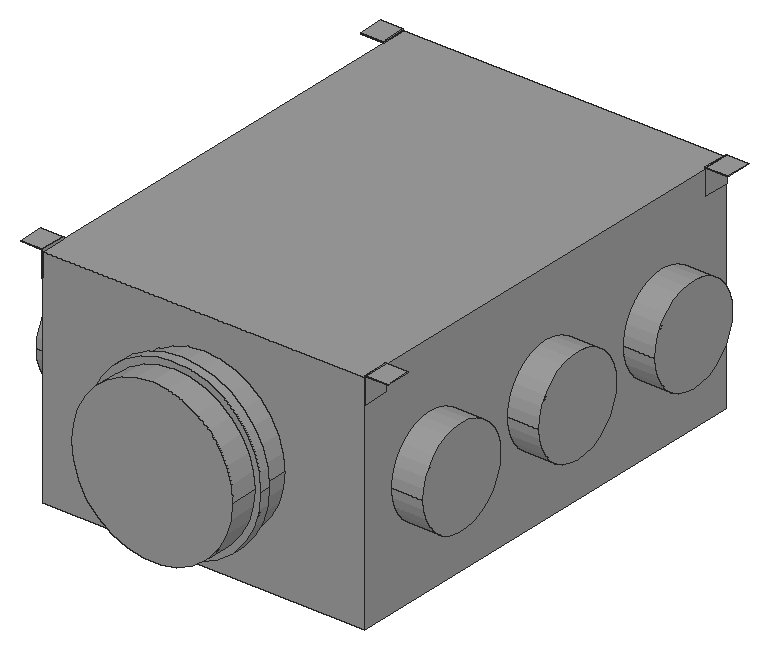
Revit family "FASU(F8-150 250Φ)", category ダクト付属品, Revit 2020
Family settings
  丸型コネクタ寸法 = 直径を使用
  パーツ タイプ = ダンパー
  OmniClass 番号 = 23.75.00.00
  OmniClass タイトル = Climate Control (HVAC)
  作業面ベース = いいえ
  常に垂直 = はい
  ロード時にボイドで切り取り = いいえ
  共有 = いいえ
Parameters
  高さ = 350 mm
  風量 = 0.0 L/s
  符号 = "FASU"
  形式 = "F8-150 250φ"
  幅 [instance] = 500 mm
  奥行き = 700 mm
  大きさ = 250 mm
  呼称 = "FASUチャンバー"
  付属品_下端レベル [instance] = 0 mm
  マテリアル [instance] = 既定値
  ダクト_イン = 250 mm
  ダクト_アウト = 150 mm
  既定の高さ = 0 mm
Reference planes
  plane 1 "中心(正面/背面)": y = 0
  plane 2: z = 0
  plane 3 "中心(左/右)": x = 0
  plane 4: x = -250
  plane 5: x = 250
  plane 6: y = -700
  plane 7: z = 350
  plane 8: z = 175
  plane 9: z = 266.963
  plane 10: z = 86.159
  plane 11: x = -251
  plane 12: z = 313.122
  plane 13: z = 352.122
  plane 14: y = -350
Forms (mm)
  Extrusion 1, solid, material "既定値" <- "マテリアル"
    sketch origin (0, 0, 0) x (1, 0, 0) y (0, 1, 0)
      loop
        line (-250, 0) -> (-250, -700) -> (250, -700) -> (250, 0) -> (-250, 0)
    from 0 to 350
  Extrusion 2, solid, material "既定値" <- "マテリアル"
    sketch origin (0, -30, 0) x (1, 0, 0) y (0, 1, 0)
      loop
        line (-250, 30) -> (-251, 30) -> (-251, -10) -> (-250, -10) -> (-250, 30)
    from 313.122 to 350
  Extrusion 3, solid, material "既定値" <- "マテリアル"
    sketch origin (0, -30, 0) x (1, 0, 0) y (0, 1, 0)
      loop
        line (-285, 30) -> (-285, -10) -> (-251, -10) -> (-251, 30) -> (-285, 30)
    from 352.122 to 350
  Extrusion 4, solid, material "既定値" <- "マテリアル"
    sketch origin (0, -30, 0) x (-1, 0, 0) y (0, -1, 0)
      loop
        line (-250, -30) -> (-250, 10) -> (-251, 10) -> (-251, -30) -> (-250, -30)
    from 313.122 to 353.122
  Extrusion 5, solid, material "既定値" <- "マテリアル"
    sketch origin (0, -30, 0) x (-1, 0, 0) y (0, -1, 0)
      loop
        line (-285, -30) -> (-251, -30) -> (-251, 10) -> (-285, 10) -> (-285, -30)
    from 352.122 to 353.122
  Extrusion 6, solid, material "既定値" <- "マテリアル"
    sketch origin (0, -490, 0) x (1, 0, 0) y (0, 1, 0)
      loop
        line (-285, -170) -> (-285, -210) -> (-251, -210) -> (-251, -170) -> (-285, -170)
    from 352.122 to 353.122
  Extrusion 7, solid, material "既定値" <- "マテリアル"
    sketch origin (0, -490, 0) x (1, 0, 0) y (0, 1, 0)
      loop
        line (-250, -170) -> (-251, -170) -> (-251, -210) -> (-250, -210) -> (-250, -170)
    from 313.122 to 353.122
  Extrusion 8, solid, material "既定値" <- "マテリアル"
    sketch origin (0, -490, 0) x (-1, 0, 0) y (0, -1, 0)
      loop
        line (-285, 170) -> (-251, 170) -> (-251, 210) -> (-285, 210) -> (-285, 170)
    from 352.122 to 353.122
  Extrusion 9, solid, material "既定値" <- "マテリアル"
    sketch origin (0, -490, 0) x (-1, 0, 0) y (0, -1, 0)
      loop
        line (-250, 170) -> (-250, 210) -> (-251, 210) -> (-251, 170) -> (-250, 170)
    from 313.122 to 353.122
  Extrusion 10, solid, material "既定値" <- "マテリアル"
    sketch origin (550, -582.5, 0) x (0, -1, 0) y (0, 0, -1)
      loop
        circle (-232.5, -175) r 74.985
    from -300 to -250
  Extrusion 11, solid, material "既定値" <- "マテリアル"
    sketch origin (-550, -582.5, 0) x (0, -1, 0) y (0, 0, 1)
      loop
        circle (-232.5, 175) r 74.985
    from -300 to -250
  Extrusion 12, solid, material "既定値" <- "マテリアル"
    sketch origin (550, -357.5, 0) x (0, -1, 0) y (0, 0, -1)
      loop
        circle (-232.5, -175) r 74.985
    from -300 to -250
  Extrusion 13, solid, material "既定値" <- "マテリアル"
    sketch origin (-550, -357.5, 0) x (0, -1, 0) y (0, 0, 1)
      loop
        circle (-232.5, 175) r 74.985
    from -300 to -250
  Extrusion 14, solid, material "既定値" <- "マテリアル"
    sketch origin (550, -142.5, 0) x (0, 1, 0) y (0, 0, 1)
      loop
        circle (-432.5, 175) r 74.985
    from -300 to -250
  Extrusion 15, solid, material "既定値" <- "マテリアル"
    sketch origin (0, -142.5, 0) x (0, 1, 0) y (0, 0, 1)
      loop
        circle (-432.5, 175) r 74.985
    from -300 to -250
  Extrusion 16, solid, material "既定値" <- "マテリアル"
    sketch origin (345.5, 300, 0) x (1, 0, 0) y (0, 0, -1)
      loop
        circle (-232.5, -175) r 74.985
    from -300 to -250
  Extrusion 17, solid, material "既定値" <- "マテリアル"
    sketch origin (-345.5, 300, 0) x (-1, 0, 0) y (0, 0, 1)
      loop
        circle (-232.5, 175) r 74.985
    from -300 to -250
  Extrusion 18, solid, material "既定値" <- "マテリアル"
    sketch origin (0, -230, 0) x (1, 0, 0) y (0, 0, 1)
      loop
        circle (0, 175) r 125
    from 470 to 512.5
  Extrusion 19, solid, material "既定値" <- "マテリアル"
    sketch origin (0, -230, 0) x (1, 0, 0) y (0, 0, 1)
      loop
        circle (0, 175) r 135
    from 512.5 to 527.5
  Extrusion 20, solid, material "既定値" <- "マテリアル"
    sketch origin (0, -317.5, 0) x (1, 0, 0) y (0, 0, 1)
      loop
        circle (0, 175) r 125
    from 440 to 482.5
Lines and regions (mm)
  model lines
    curve 1: line (-250, -30, 0) -> (250, -30, 0)
    curve 2: line (-250, -670, 0) -> (250, -670, 0)
Text (mm)
  text "FASU(F8-150 250Φ)" at (3.713, -630.412, 0), in view "参照レベル"
Dimensions and locks
  equal spacing: plane 4, plane 3 "中心(左/右)", plane 5
  "幅": plane 4 to plane 5
  "奥行き": plane 6 to plane 1 "中心(正面/背面)"
  "高さ": plane 7 to level
  equal spacing: plane 7, plane 8, level
  equal spacing: plane 6, plane 14, plane 1 "中心(正面/背面)"
  aligned and locked: level to plane 2
  aligned and locked: Extrusion 1 sketch curve to plane 5
  aligned and locked: plane 7 to Extrusion 1
  aligned and locked: Extrusion 2 sketch curve to Extrusion 1
  aligned and locked: plane 7 to Extrusion 2
  aligned and locked: Extrusion 3 sketch curve to Extrusion 2
  aligned and locked: Extrusion 2 to Extrusion 3 sketch curve
  aligned and locked: plane 7 to Extrusion 3
  aligned and locked: Extrusion 3 to plane 13
  aligned and locked: Extrusion 4 to Extrusion 5 sketch curve
  aligned and locked: Extrusion 5 sketch curve to Extrusion 4
  aligned and locked: Extrusion 1 to Extrusion 8
  aligned and locked: Extrusion 6 to Extrusion 1
  aligned and locked: Extrusion 7 to Extrusion 1
  aligned and locked: Extrusion 1 to Extrusion 9
  aligned and locked: Extrusion 9 to Extrusion 8
  aligned and locked: Extrusion 7 to Extrusion 6
  aligned and locked: plane 4 to Extrusion 7
  aligned and locked: Extrusion 9 to plane 5
  aligned and locked: plane 4 to curve 1
  aligned and locked: plane 5 to curve 1
  aligned and locked: plane 5 to curve 2
  aligned and locked: Extrusion 1 to Extrusion 3
  aligned and locked: Extrusion 5 to Extrusion 1
  aligned and locked: Extrusion 4 to plane 5
  aligned and locked: Extrusion 1 to plane 6
  aligned and locked: Extrusion 1 to plane 1 "中心(正面/背面)"
  aligned and locked: Extrusion 12 to plane 5
  aligned and locked: plane 4 to Extrusion 13
  aligned and locked: Extrusion 14 to plane 5
  aligned and locked: plane 4 to Extrusion 15
  aligned and locked: plane 1 "中心(正面/背面)" to Extrusion 16
  aligned and locked: plane 1 "中心(正面/背面)" to Extrusion 17
  aligned and locked: Extrusion 19 to Extrusion 20
  aligned and locked: Extrusion 19 to Extrusion 18
  aligned and locked: plane 6 to Extrusion 18
Automatic sketch dimensions
  Extrusion 10 sketch curve to plane 8 = 0 mm
  Extrusion 10 sketch curve to plane 14 = 0 mm
  Extrusion 11 sketch curve to plane 8 = 0 mm
  Extrusion 11 sketch curve to plane 14 = 0 mm
  Extrusion 16 sketch curve to plane 8 = 0 mm
  plane 3 "中心(左/右)" to Extrusion 16 sketch curve = 113 mm
  Extrusion 17 sketch curve to plane 8 = 0 mm
  Extrusion 17 sketch curve to plane 3 "中心(左/右)" = 113 mm
  curve 2 to plane 4 = 0 mm
  plane 6 to curve 2 = 30 mm
  plane 1 "中心(正面/背面)" to curve 1 = 30 mm
  Extrusion 1 sketch curve to plane 4 = 0 mm
  Extrusion 1 sketch curve to plane 6 = 0 mm
  plane 1 "中心(正面/背面)" to Extrusion 1 sketch curve = 0 mm
  plane 1 "中心(正面/背面)" to Extrusion 2 sketch curve = 0 mm
  Extrusion 2 sketch curve to plane 11 = 0 mm
  Extrusion 2 sketch curve to Extrusion 2 sketch curve = 40 mm
  plane 1 "中心(正面/背面)" to Extrusion 3 sketch curve = 0 mm
  Extrusion 3 sketch curve to Extrusion 3 sketch curve = 34 mm
  plane 1 "中心(正面/背面)" to Extrusion 4 sketch curve = 0 mm
  Extrusion 4 sketch curve to plane 5 = 0 mm
  Extrusion 4 sketch curve to Extrusion 4 sketch curve = 1 mm
  Extrusion 4 sketch curve to Extrusion 4 sketch curve = 40 mm
  plane 1 "中心(正面/背面)" to Extrusion 5 sketch curve = 0 mm
  Extrusion 5 sketch curve to Extrusion 5 sketch curve = 34 mm
  Extrusion 6 sketch curve to plane 6 = 0 mm
  Extrusion 6 sketch curve to plane 11 = 0 mm
  Extrusion 6 sketch curve to plane 11 = 34 mm
  plane 6 to Extrusion 6 sketch curve = 40 mm
  Extrusion 7 sketch curve to plane 11 = 0 mm
  Extrusion 7 sketch curve to plane 4 = 0 mm
  Extrusion 7 sketch curve to plane 6 = 0 mm
  plane 6 to Extrusion 7 sketch curve = 40 mm
  Extrusion 8 sketch curve to plane 6 = 0 mm
  Extrusion 8 sketch curve to plane 5 = 35 mm
  Extrusion 8 sketch curve to plane 5 = 1 mm
  Extrusion 8 sketch curve to Extrusion 8 sketch curve = 40 mm
  Extrusion 9 sketch curve to plane 6 = 0 mm
  Extrusion 9 sketch curve to plane 5 = 0 mm
  Extrusion 9 sketch curve to Extrusion 9 sketch curve = 1 mm
  Extrusion 9 sketch curve to Extrusion 9 sketch curve = 40 mm
  Extrusion 12 sketch curve to plane 8 = 0 mm
  plane 1 "中心(正面/背面)" to Extrusion 12 sketch curve = 125 mm
  Extrusion 13 sketch curve to plane 8 = 0 mm
  plane 1 "中心(正面/背面)" to Extrusion 13 sketch curve = 125 mm
  Extrusion 14 sketch curve to plane 8 = 0 mm
  plane 6 to Extrusion 14 sketch curve = 125 mm
  Extrusion 15 sketch curve to plane 8 = 0 mm
  plane 6 to Extrusion 15 sketch curve = 125 mm
  Extrusion 18 sketch curve to plane 3 "中心(左/右)" = 0 mm
  Extrusion 18 sketch curve to plane 8 = 0 mm
  Extrusion 19 sketch curve to plane 3 "中心(左/右)" = 0 mm
  Extrusion 19 sketch curve to plane 8 = 0 mm
  Extrusion 20 sketch curve to plane 3 "中心(左/右)" = 0 mm
  Extrusion 20 sketch curve to plane 8 = 0 mm
  radius of Extrusion 10 sketch curve = 74.985 mm
  radius of Extrusion 11 sketch curve = 74.985 mm
  radius of Extrusion 16 sketch curve = 74.985 mm
  radius of Extrusion 17 sketch curve = 74.985 mm
  radius of Extrusion 12 sketch curve = 74.985 mm
  radius of Extrusion 13 sketch curve = 74.985 mm
  radius of Extrusion 14 sketch curve = 74.985 mm
  radius of Extrusion 15 sketch curve = 74.985 mm
  radius of Extrusion 18 sketch curve = 125 mm
  radius of Extrusion 19 sketch curve = 135 mm
  radius of Extrusion 20 sketch curve = 125 mm
Connectors
  hvac at (-300, -575, 175), driven by "ダクト_アウト"
    settings: on Extrusion 15, index 1, duct flow 0.0 L/s, flow factor 0, pres drop 0.0 Pa, loss coef 0, conn angle 0.00°, conn width 304.8 mm, conn height 304.8 mm, conn diameter 150 mm, duct sys type 29, conn prof type 0, flow config 0, flow direction 2, loss method 0, conn ref index -1, conn util no, is conn primary yes, conn desc ""
  hvac at (-300, -350, 175), driven by "ダクト_アウト"
    settings: on Extrusion 11, index 2, duct flow 0.0 L/s, flow factor 0, pres drop 0.0 Pa, loss coef 0, conn angle 0.00°, conn width 304.8 mm, conn height 304.8 mm, conn diameter 150 mm, duct sys type 29, conn prof type 0, flow config 0, flow direction 2, loss method 0, conn ref index -1, conn util no, is conn primary no, conn desc ""
  hvac at (-300, -125, 175), driven by "ダクト_アウト"
    settings: on Extrusion 13, index 3, duct flow 0.0 L/s, flow factor 0, pres drop 0.0 Pa, loss coef 0, conn angle 0.00°, conn width 304.8 mm, conn height 304.8 mm, conn diameter 150 mm, duct sys type 29, conn prof type 0, flow config 0, flow direction 2, loss method 0, conn ref index -1, conn util no, is conn primary no, conn desc ""
  hvac at (-113, 50, 175), driven by "ダクト_アウト"
    settings: on Extrusion 17, index 4, duct flow 0.0 L/s, flow factor 0, pres drop 0.0 Pa, loss coef 0, conn angle 0.00°, conn width 304.8 mm, conn height 304.8 mm, conn diameter 150 mm, duct sys type 29, conn prof type 0, flow config 0, flow direction 2, loss method 0, conn ref index -1, conn util no, is conn primary no, conn desc ""
  hvac at (113, 50, 175), driven by "ダクト_アウト"
    settings: on Extrusion 16, index 5, duct flow 0.0 L/s, flow factor 0, pres drop 0.0 Pa, loss coef 0, conn angle 0.00°, conn width 304.8 mm, conn height 304.8 mm, conn diameter 150 mm, duct sys type 29, conn prof type 0, flow config 0, flow direction 2, loss method 0, conn ref index -1, conn util no, is conn primary no, conn desc ""
  hvac at (300, -125, 175), driven by "ダクト_アウト"
    settings: on Extrusion 12, index 6, duct flow 0.0 L/s, flow factor 0, pres drop 0.0 Pa, loss coef 0, conn angle 0.00°, conn width 304.8 mm, conn height 304.8 mm, conn diameter 150 mm, duct sys type 29, conn prof type 0, flow config 0, flow direction 2, loss method 0, conn ref index -1, conn util no, is conn primary no, conn desc ""
  hvac at (300, -350, 175), driven by "ダクト_アウト"
    settings: on Extrusion 10, index 7, duct flow 0.0 L/s, flow factor 0, pres drop 0.0 Pa, loss coef 0, conn angle 0.00°, conn width 304.8 mm, conn height 304.8 mm, conn diameter 150 mm, duct sys type 29, conn prof type 0, flow config 0, flow direction 2, loss method 0, conn ref index -1, conn util no, is conn primary no, conn desc ""
  hvac at (300, -575, 175), driven by "ダクト_アウト"
    settings: on Extrusion 14, index 8, duct flow 0.0 L/s, flow factor 0, pres drop 0.0 Pa, loss coef 0, conn angle 0.00°, conn width 304.8 mm, conn height 304.8 mm, conn diameter 150 mm, duct sys type 29, conn prof type 0, flow config 0, flow direction 2, loss method 0, conn ref index -1, conn util no, is conn primary no, conn desc ""
  hvac at (0, -800, 175), driven by "ダクト_イン"
    settings: on Extrusion 20, index 18, duct flow 0.0 L/s, flow factor 0, pres drop 0.0 Pa, loss coef 0, conn angle 0.00°, conn width 304.8 mm, conn height 304.8 mm, conn diameter 250 mm, duct sys type 29, conn prof type 0, flow config 0, flow direction 1, loss method 0, conn ref index -1, conn util no, is conn primary no, conn desc ""
